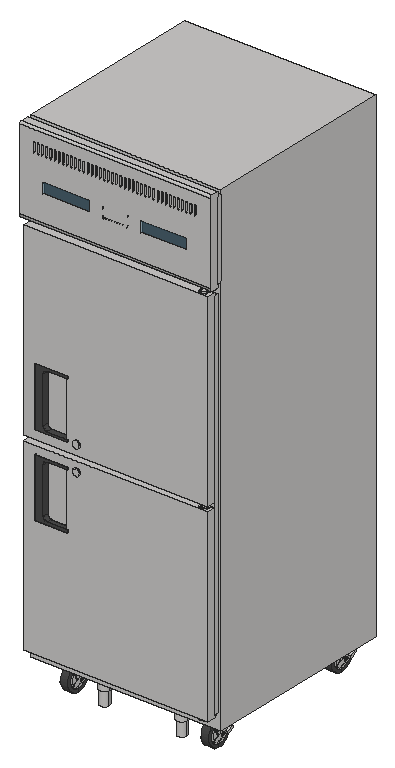
Revit family "QF_EVEREST_ESRFH2", category Specialty Equipment, Revit 2015
Parameters (values of type "ESRFH2")
  Weight in Pounds = 343
  Watts = if(Phase = 3, Volts * FL Amps * 1.73, Volts * FL Amps)  # 870.55 W
  Volts = 115 V
  URL Cutsheet = ""
  Specification by User = ""
  Specification by Manufacturer = ""
  Show Clearance [instance] = yes
  Serial Number = ""
  Seismic Rating = ""
  SMACNA No = ""
  Revision Code = ""
  Refrigerant Volume = 0.00 kip
  Refrigerant Type = "R-404A / R290"
  Phase = 1
  Number of Poles = 1
  NAFEM Spec ID Number = ""
  Model = "ESRFH2"
  Min Ckt Ampacity = 0 A
  Max Overcurrent Protection = 0 A
  Masterspec = ""
  Manufacturer = "EVEREST"
  Length = 740 mm
  Item Number = ""
  Installed By = ""
  Identify Quantity as Lot = yes
  Height = 2010 mm
  HP = "1/2"
  Furnished By = ""
  Foodservice Equipment Identifier = yes
  FL Amps = 7.57 A
  Electrical Remarks = ""
  Electric Connection Type = ""
  Elec Conn RI Height = 0 mm
  Elec Conn Connection Height = 0 mm
  Description = "UPRIGHT REACH–IN DUAL TEMPS"
  Depth = 803 mm
  Cycle = 60 Hz
  Conn Plug = "NEMA 5-15P"
  Conn Conduit = yes
  CSI MasterFormat = ""
  BTUH = 3435.0 Btu/h
  Apparent Power = 0 VA
Types (2, lengths in mm): name | Electrical Remarks
  ESRFH2 | ""
  QF_EVEREST_ESRFH2 | "COMES IN R-404A AND R290 REFRIGERANT VARIANTS. VARIANTS DO NOT REQUIRE (2) SEPARATE MODELS."
Reference planes
  plane 1 "BACK": y = 0
  plane 2: z = 0
  plane 3 "LEFT": x = 0
  plane 4 "RIGHT": x = 740
  plane 5 "FRONT": y = -803
  plane 6 "TOP": z = 2010
  plane 7 "Center Y": x = 370
  plane 8 "Center X": y = -401.5
  plane 9: y = -1491
  plane 10: z = 125
  plane 11: y = -750
Forms (mm)
  Extrusion 1, solid, material "QF_Metal - Stainless - Polished"
    sketch origin (0, 0, 0) x (0, 1, 0) y (0, 0, 1)
      loop
        line (0, 2010) -> (-750, 2010) -> (-750, 125) -> (0, 125) -> (0, 2010)
    from 0 to 740
  Extrusion 2, solid, material "QF_Metal - Stainless - Polished"
    sketch origin (0, 0, 0) x (0, 1, 0) y (0, 0, 1)
      loop
        line (-765, 2010) -> (-794.973, 2010)
        arc (-794.973, 2010) -> (-800.649, 2007.649) -> (-803, 2001.973) r 8.027
        line (-803, 2001.973) -> (-803, 1687.87)
        arc (-803, 1687.87) -> (-799.172, 1678.628) -> (-789.93, 1674.8) r 13.07
        line (-789.93, 1674.8) -> (-765, 1674.8) -> (-765, 2010)
    from 0 to 740
  Extrusion 3, solid, material "QF_Metal - Stainless - Polished"
    sketch origin (0, 0, 0) x (0, 1, 0) y (0, 0, 1)
      loop
        line (-765, 1688.8) -> (-758.141, 1688.8)
        arc (-758.141, 1688.8) -> (-757.087, 1689.01) -> (-756.193, 1689.607) r 2.754
        line (-756.193, 1689.607) -> (-750.858, 1694.942)
        arc (-750.858, 1694.942) -> (-750.223, 1695.892) -> (-750, 1697.014) r 2.93
        line (-750, 1697.014) -> (-750, 1990.992)
        arc (-750, 1990.992) -> (-750.222, 1992.108) -> (-750.854, 1993.054) r 2.916
        line (-750.854, 1993.054) -> (-755.935, 1998.135)
        arc (-755.935, 1998.135) -> (-757.115, 1998.923) -> (-758.506, 1999.2) r 3.637
        line (-758.506, 1999.2) -> (-765, 1999.2) -> (-765, 1688.8)
    from 0 to 740
  Extrusion 4, solid, material "QF_Metal - Stainless - Polished"
    sketch origin (0, 0, 0) x (1, 0, 0) y (0, 0, 1)
      loop
        line (13.5, 924) -> (726.5, 924) -> (726.5, 1654) -> (13.5, 1654) -> (13.5, 924)
      loop
        arc (60.313, 1186.531) -> (56.778, 1185.067) -> (55.313, 1181.531) r 5
        line (55.313, 1181.531) -> (55.313, 961.531)
        arc (55.313, 961.531) -> (56.778, 957.996) -> (60.313, 956.531) r 5
        line (60.313, 956.531) -> (179.313, 956.531)
        arc (179.313, 956.531) -> (182.849, 957.996) -> (184.313, 961.531) r 5
        line (184.313, 961.531) -> (184.313, 966.531) -> (179.313, 966.531) -> (179.313, 1176.531) -> (184.313, 1176.531) -> (184.313, 1181.531)
        arc (184.313, 1181.531) -> (182.849, 1185.067) -> (179.313, 1186.531) r 5
        line (179.313, 1186.531) -> (60.313, 1186.531)
      loop
        arc (60.313, 871.469) -> (56.778, 870.004) -> (55.313, 866.469) r 5
        line (55.313, 866.469) -> (55.313, 646.469)
        arc (55.313, 646.469) -> (56.778, 642.933) -> (60.313, 641.469) r 5
        line (60.313, 641.469) -> (179.313, 641.469)
        arc (179.313, 641.469) -> (182.849, 642.933) -> (184.313, 646.469) r 5
        line (184.313, 646.469) -> (184.313, 651.469) -> (179.313, 651.469) -> (179.313, 861.469) -> (184.313, 861.469) -> (184.313, 866.469)
        arc (184.313, 866.469) -> (182.849, 870.004) -> (179.313, 871.469) r 5
        line (179.313, 871.469) -> (60.313, 871.469)
      loop
        line (13.5, 904) -> (13.5, 174) -> (726.5, 174) -> (726.5, 904) -> (13.5, 904)
    from 765 to 800
  Extrusion 5, solid, material "QF_Metal - Stainless - Polished"
    sketch origin (0, 0, 0) x (0, 1, 0) y (0, 0, 1)
      loop
        line (-750, 1644) -> (-765, 1644) -> (-765, 182.5) -> (-750, 182.5) -> (-750, 1644)
    from 13.5 to 726.5
  Extrusion 6, solid, material "QF_Plastic - Black - Smooth"
    sketch origin (0, 0, 0) x (1, 0, 0) y (0, 0, 1)
      loop
        arc (60.313, 1186.531) -> (56.778, 1185.067) -> (55.313, 1181.531) r 5
        line (55.313, 1181.531) -> (55.313, 961.531)
        arc (55.313, 961.531) -> (56.778, 957.996) -> (60.313, 956.531) r 5
        line (60.313, 956.531) -> (179.313, 956.531)
        arc (179.313, 956.531) -> (182.849, 957.996) -> (184.313, 961.531) r 5
        line (184.313, 961.531) -> (184.313, 966.531) -> (103.313, 966.531)
        arc (103.313, 966.531) -> (92.707, 970.925) -> (88.313, 981.531) r 15
        line (88.313, 981.531) -> (88.313, 1161.531)
        arc (88.313, 1161.531) -> (92.707, 1172.138) -> (103.313, 1176.531) r 15
        line (103.313, 1176.531) -> (184.313, 1176.531) -> (184.313, 1181.531)
        arc (184.313, 1181.531) -> (182.849, 1185.067) -> (179.313, 1186.531) r 5
        line (179.313, 1186.531) -> (60.313, 1186.531)
      loop
        arc (60.313, 871.469) -> (56.778, 870.004) -> (55.313, 866.469) r 5
        line (55.313, 866.469) -> (55.313, 646.469)
        arc (55.313, 646.469) -> (56.778, 642.933) -> (60.313, 641.469) r 5
        line (60.313, 641.469) -> (179.313, 641.469)
        arc (179.313, 641.469) -> (182.849, 642.933) -> (184.313, 646.469) r 5
        line (184.313, 646.469) -> (184.313, 651.469) -> (103.313, 651.469)
        arc (103.313, 651.469) -> (92.707, 655.862) -> (88.313, 666.469) r 15
        line (88.313, 666.469) -> (88.313, 846.469)
        arc (88.313, 846.469) -> (92.707, 857.075) -> (103.313, 861.469) r 15
        line (103.313, 861.469) -> (184.313, 861.469) -> (184.313, 866.469)
        arc (184.313, 866.469) -> (182.849, 870.004) -> (179.313, 871.469) r 5
        line (179.313, 871.469) -> (60.313, 871.469)
    from 780 to 800
  Extrusion 7, void
    sketch origin (0, -803, 2030) x (0, 0, -1) y (1, 0, 0)
      loop
        line (105, 61.992) -> (73, 61.992)
        arc (73, 61.992) -> (69, 57.992) -> (73, 53.992) r 4
        line (73, 53.992) -> (105, 53.992)
        arc (105, 53.992) -> (109, 57.992) -> (105, 61.992) r 4
      loop
        line (73, 69.992) -> (105, 69.992)
        arc (105, 69.992) -> (109, 73.992) -> (105, 77.992) r 4
        line (105, 77.992) -> (73, 77.992)
        arc (73, 77.992) -> (69, 73.992) -> (73, 69.992) r 4
      loop
        line (73, 85.992) -> (105, 85.992)
        arc (105, 85.992) -> (109, 89.992) -> (105, 93.992) r 4
        line (105, 93.992) -> (73, 93.992)
        arc (73, 93.992) -> (69, 89.992) -> (73, 85.992) r 4
      loop
        line (73, 101.992) -> (105, 101.992)
        arc (105, 101.992) -> (109, 105.992) -> (105, 109.992) r 4
        line (105, 109.992) -> (73, 109.992)
        arc (73, 109.992) -> (69, 105.992) -> (73, 101.992) r 4
      loop
        line (73, 117.992) -> (105, 117.992)
        arc (105, 117.992) -> (109, 121.992) -> (105, 125.992) r 4
        line (105, 125.992) -> (73, 125.992)
        arc (73, 125.992) -> (69, 121.992) -> (73, 117.992) r 4
      loop
        line (73, 133.992) -> (105, 133.992)
        arc (105, 133.992) -> (109, 137.992) -> (105, 141.992) r 4
        line (105, 141.992) -> (73, 141.992)
        arc (73, 141.992) -> (69, 137.992) -> (73, 133.992) r 4
      loop
        line (73, 149.992) -> (105, 149.992)
        arc (105, 149.992) -> (109, 153.992) -> (105, 157.992) r 4
        line (105, 157.992) -> (73, 157.992)
        arc (73, 157.992) -> (69, 153.992) -> (73, 149.992) r 4
      loop
        line (73, 165.992) -> (105, 165.992)
        arc (105, 165.992) -> (109, 169.992) -> (105, 173.992) r 4
        line (105, 173.992) -> (73, 173.992)
        arc (73, 173.992) -> (69, 169.992) -> (73, 165.992) r 4
      loop
        line (73, 181.992) -> (105, 181.992)
        arc (105, 181.992) -> (109, 185.992) -> (105, 189.992) r 4
        line (105, 189.992) -> (73, 189.992)
        arc (73, 189.992) -> (69, 185.992) -> (73, 181.992) r 4
      loop
        line (73, 197.992) -> (105, 197.992)
        arc (105, 197.992) -> (109, 201.992) -> (105, 205.992) r 4
        line (105, 205.992) -> (73, 205.992)
        arc (73, 205.992) -> (69, 201.992) -> (73, 197.992) r 4
      loop
        line (73, 213.992) -> (105, 213.992)
        arc (105, 213.992) -> (109, 217.992) -> (105, 221.992) r 4
        line (105, 221.992) -> (73, 221.992)
        arc (73, 221.992) -> (69, 217.992) -> (73, 213.992) r 4
      loop
        line (73, 229.992) -> (105, 229.992)
        arc (105, 229.992) -> (109, 233.992) -> (105, 237.992) r 4
        line (105, 237.992) -> (73, 237.992)
        arc (73, 237.992) -> (69, 233.992) -> (73, 229.992) r 4
      loop
        line (73, 245.992) -> (105, 245.992)
        arc (105, 245.992) -> (109, 249.992) -> (105, 253.992) r 4
        line (105, 253.992) -> (73, 253.992)
        arc (73, 253.992) -> (69, 249.992) -> (73, 245.992) r 4
      loop
        line (73, 261.992) -> (105, 261.992)
        arc (105, 261.992) -> (109, 265.992) -> (105, 269.992) r 4
        line (105, 269.992) -> (73, 269.992)
        arc (73, 269.992) -> (69, 265.992) -> (73, 261.992) r 4
      loop
        line (73, 277.992) -> (105, 277.992)
        arc (105, 277.992) -> (109, 281.992) -> (105, 285.992) r 4
        line (105, 285.992) -> (73, 285.992)
        arc (73, 285.992) -> (69, 281.992) -> (73, 277.992) r 4
      loop
        line (73, 293.992) -> (105, 293.992)
        arc (105, 293.992) -> (109, 297.992) -> (105, 301.992) r 4
        line (105, 301.992) -> (73, 301.992)
        arc (73, 301.992) -> (69, 297.992) -> (73, 293.992) r 4
      loop
        line (73, 309.992) -> (105, 309.992)
        arc (105, 309.992) -> (109, 313.992) -> (105, 317.992) r 4
        line (105, 317.992) -> (73, 317.992)
        arc (73, 317.992) -> (69, 313.992) -> (73, 309.992) r 4
      loop
        line (73, 325.992) -> (105, 325.992)
        arc (105, 325.992) -> (109, 329.992) -> (105, 333.992) r 4
        line (105, 333.992) -> (73, 333.992)
        arc (73, 333.992) -> (69, 329.992) -> (73, 325.992) r 4
      loop
        line (73, 341.992) -> (105, 341.992)
        arc (105, 341.992) -> (109, 345.992) -> (105, 349.992) r 4
        line (105, 349.992) -> (73, 349.992)
        arc (73, 349.992) -> (69, 345.992) -> (73, 341.992) r 4
      loop
        line (73, 357.992) -> (105, 357.992)
        arc (105, 357.992) -> (109, 361.992) -> (105, 365.992) r 4
        line (105, 365.992) -> (73, 365.992)
        arc (73, 365.992) -> (69, 361.992) -> (73, 357.992) r 4
      loop
        arc (105, 678.008) -> (109, 682.008) -> (105, 686.008) r 4
        line (105, 686.008) -> (73, 686.008)
        arc (73, 686.008) -> (69, 682.008) -> (73, 678.008) r 4
        line (73, 678.008) -> (105, 678.008)
      loop
        arc (73, 670.008) -> (69, 666.008) -> (73, 662.008) r 4
        line (73, 662.008) -> (105, 662.008)
        arc (105, 662.008) -> (109, 666.008) -> (105, 670.008) r 4
        line (105, 670.008) -> (73, 670.008)
      loop
        arc (73, 654.008) -> (69, 650.008) -> (73, 646.008) r 4
        line (73, 646.008) -> (105, 646.008)
        arc (105, 646.008) -> (109, 650.008) -> (105, 654.008) r 4
        line (105, 654.008) -> (73, 654.008)
      loop
        arc (73, 638.008) -> (69, 634.008) -> (73, 630.008) r 4
        line (73, 630.008) -> (105, 630.008)
        arc (105, 630.008) -> (109, 634.008) -> (105, 638.008) r 4
        line (105, 638.008) -> (73, 638.008)
      loop
        arc (73, 622.008) -> (69, 618.008) -> (73, 614.008) r 4
        line (73, 614.008) -> (105, 614.008)
        arc (105, 614.008) -> (109, 618.008) -> (105, 622.008) r 4
        line (105, 622.008) -> (73, 622.008)
      loop
        arc (73, 606.008) -> (69, 602.008) -> (73, 598.008) r 4
        line (73, 598.008) -> (105, 598.008)
        arc (105, 598.008) -> (109, 602.008) -> (105, 606.008) r 4
        line (105, 606.008) -> (73, 606.008)
      loop
        arc (73, 590.008) -> (69, 586.008) -> (73, 582.008) r 4
        line (73, 582.008) -> (105, 582.008)
        arc (105, 582.008) -> (109, 586.008) -> (105, 590.008) r 4
        line (105, 590.008) -> (73, 590.008)
      loop
        arc (73, 574.008) -> (69, 570.008) -> (73, 566.008) r 4
        line (73, 566.008) -> (105, 566.008)
        arc (105, 566.008) -> (109, 570.008) -> (105, 574.008) r 4
        line (105, 574.008) -> (73, 574.008)
      loop
        arc (73, 558.008) -> (69, 554.008) -> (73, 550.008) r 4
        line (73, 550.008) -> (105, 550.008)
        arc (105, 550.008) -> (109, 554.008) -> (105, 558.008) r 4
        line (105, 558.008) -> (73, 558.008)
      loop
        arc (73, 542.008) -> (69, 538.008) -> (73, 534.008) r 4
        line (73, 534.008) -> (105, 534.008)
        arc (105, 534.008) -> (109, 538.008) -> (105, 542.008) r 4
        line (105, 542.008) -> (73, 542.008)
      loop
        arc (73, 526.008) -> (69, 522.008) -> (73, 518.008) r 4
        line (73, 518.008) -> (105, 518.008)
        arc (105, 518.008) -> (109, 522.008) -> (105, 526.008) r 4
        line (105, 526.008) -> (73, 526.008)
      loop
        arc (73, 510.008) -> (69, 506.008) -> (73, 502.008) r 4
        line (73, 502.008) -> (105, 502.008)
        arc (105, 502.008) -> (109, 506.008) -> (105, 510.008) r 4
        line (105, 510.008) -> (73, 510.008)
      loop
        arc (73, 494.008) -> (69, 490.008) -> (73, 486.008) r 4
        line (73, 486.008) -> (105, 486.008)
        arc (105, 486.008) -> (109, 490.008) -> (105, 494.008) r 4
        line (105, 494.008) -> (73, 494.008)
      loop
        arc (73, 478.008) -> (69, 474.008) -> (73, 470.008) r 4
        line (73, 470.008) -> (105, 470.008)
        arc (105, 470.008) -> (109, 474.008) -> (105, 478.008) r 4
        line (105, 478.008) -> (73, 478.008)
      loop
        arc (73, 462.008) -> (69, 458.008) -> (73, 454.008) r 4
        line (73, 454.008) -> (105, 454.008)
        arc (105, 454.008) -> (109, 458.008) -> (105, 462.008) r 4
        line (105, 462.008) -> (73, 462.008)
      loop
        arc (73, 446.008) -> (69, 442.008) -> (73, 438.008) r 4
        line (73, 438.008) -> (105, 438.008)
        arc (105, 438.008) -> (109, 442.008) -> (105, 446.008) r 4
        line (105, 446.008) -> (73, 446.008)
      loop
        arc (73, 430.008) -> (69, 426.008) -> (73, 422.008) r 4
        line (73, 422.008) -> (105, 422.008)
        arc (105, 422.008) -> (109, 426.008) -> (105, 430.008) r 4
        line (105, 430.008) -> (73, 430.008)
      loop
        arc (73, 414.008) -> (69, 410.008) -> (73, 406.008) r 4
        line (73, 406.008) -> (105, 406.008)
        arc (105, 406.008) -> (109, 410.008) -> (105, 414.008) r 4
        line (105, 414.008) -> (73, 414.008)
      loop
        arc (73, 398.008) -> (69, 394.008) -> (73, 390.008) r 4
        line (73, 390.008) -> (105, 390.008)
        arc (105, 390.008) -> (109, 394.008) -> (105, 398.008) r 4
        line (105, 398.008) -> (73, 398.008)
      loop
        arc (73, 382.008) -> (69, 378.008) -> (73, 374.008) r 4
        line (73, 374.008) -> (105, 374.008)
        arc (105, 374.008) -> (109, 378.008) -> (105, 382.008) r 4
        line (105, 382.008) -> (73, 382.008)
      loop
        arc (200.062, 418.988) -> (203.598, 417.523) -> (205.062, 413.988) r 5
        line (205.062, 413.988) -> (205.062, 326.012)
        arc (205.062, 326.012) -> (203.598, 322.477) -> (200.062, 321.012) r 5
        line (200.062, 321.012) -> (204.496, 321.008)
        arc (204.496, 321.008) -> (208.032, 322.472) -> (209.496, 326.008) r 5
        line (209.496, 326.008) -> (209.496, 413.992)
        arc (209.496, 413.992) -> (208.032, 417.528) -> (204.496, 418.992) r 5
        line (204.496, 418.992) -> (200.062, 418.988)
      loop
        arc (233.068, 418.988) -> (236.604, 417.523) -> (238.068, 413.988) r 5
        line (238.068, 413.988) -> (238.068, 326.012)
        arc (238.068, 326.012) -> (236.604, 322.477) -> (233.068, 321.012) r 5
        line (233.068, 321.012) -> (237.502, 321.008)
        arc (237.502, 321.008) -> (241.038, 322.472) -> (242.502, 326.008) r 5
        line (242.502, 326.008) -> (242.502, 413.992)
        arc (242.502, 413.992) -> (241.038, 417.528) -> (237.502, 418.992) r 5
        line (237.502, 418.992) -> (233.068, 418.988)
      loop
        arc (238.578, 469.75) -> (239.938, 470.313) -> (240.501, 471.673) r 1.923
        line (240.501, 471.673) -> (240.501, 647.294)
        arc (240.501, 647.294) -> (239.928, 648.677) -> (238.545, 649.25) r 1.956
        line (238.545, 649.25) -> (200.5, 649.25)
        arc (200.5, 649.25) -> (199.086, 648.665) -> (198.501, 647.25) r 1.997
        line (198.501, 647.25) -> (198.501, 471.75)
        arc (198.501, 471.75) -> (199.086, 470.335) -> (200.5, 469.75) r 1.997
        line (200.5, 469.75) -> (238.578, 469.75)
      loop
        line (238.578, 270.25) -> (200.5, 270.25)
        arc (200.5, 270.25) -> (199.086, 269.665) -> (198.501, 268.25) r 1.997
        line (198.501, 268.25) -> (198.501, 92.75)
        arc (198.501, 92.75) -> (199.086, 91.335) -> (200.5, 90.75) r 1.997
        line (200.5, 90.75) -> (238.545, 90.75)
        arc (238.545, 90.75) -> (239.928, 91.323) -> (240.501, 92.706) r 1.956
        line (240.501, 92.706) -> (240.501, 268.327)
        arc (240.501, 268.327) -> (239.938, 269.687) -> (238.578, 270.25) r 1.923
    from 0 to -3
  Extrusion 8, solid, material "Glass"
    sketch origin (0, -800, 2030) x (0, 0, -1) y (1, 0, 0)
      loop
        arc (198.501, 471.75) -> (199.086, 470.335) -> (200.5, 469.75) r 1.997
        line (200.5, 469.75) -> (238.578, 469.75)
        arc (238.578, 469.75) -> (239.938, 470.313) -> (240.501, 471.673) r 1.923
        line (240.501, 471.673) -> (240.501, 647.294)
        arc (240.501, 647.294) -> (239.928, 648.677) -> (238.545, 649.25) r 1.956
        line (238.545, 649.25) -> (200.5, 649.25)
        arc (200.5, 649.25) -> (199.086, 648.665) -> (198.501, 647.25) r 1.997
        line (198.501, 647.25) -> (198.501, 471.75)
      loop
        line (198.501, 268.25) -> (198.501, 92.75)
        arc (198.501, 92.75) -> (199.086, 91.335) -> (200.5, 90.75) r 1.997
        line (200.5, 90.75) -> (238.545, 90.75)
        arc (238.545, 90.75) -> (239.928, 91.323) -> (240.501, 92.706) r 1.956
        line (240.501, 92.706) -> (240.501, 268.327)
        arc (240.501, 268.327) -> (239.938, 269.687) -> (238.578, 270.25) r 1.923
        line (238.578, 270.25) -> (200.5, 270.25)
        arc (200.5, 270.25) -> (199.086, 269.665) -> (198.501, 268.25) r 1.997
    from 0 to 3
  Extrusion 9, solid, material "QF_Metal - Stainless - Polished"
    sketch origin (2.005, 0, 924) x (0, -1, 0) y (-1, 0, 0)
      loop
        circle (784, -696.5) r 10
    from 0 to 5
  Extrusion 10, solid, material "QF_Metal - Stainless - Polished"
    sketch origin (2.005, 0, 924) x (0, -1, 0) y (-1, 0, 0)
      loop
        arc (789.13, -710.595) -> (798.772, -693.895) -> (784, -681.5) r 15
        line (784, -681.5) -> (750, -675.505) -> (750, -717.495) -> (789.13, -710.595)
      loop
        circle (784, -696.5) r 10
    from 0 to 2.5
  Extrusion 11, solid, material "QF_Metal - Stainless - Polished"
    sketch origin (-10.995, 0, 1654) x (1, 0, 0) y (0, 1, 0)
      loop
        circle (710, -784) r 10
    from 0 to 5
  Extrusion 12, solid, material "QF_Metal - Stainless - Polished"
    sketch origin (-10.995, 0, 1654) x (1, 0, 0) y (0, 1, 0)
      loop
        line (724.095, -789.13) -> (730.995, -750) -> (689.005, -750) -> (695, -784)
        arc (695, -784) -> (707.395, -798.772) -> (724.095, -789.13) r 15
      loop
        circle (710, -784) r 10
    from 0 to 2.5
  Revolve 13, solid, material "QF_Metal - Stainless - Polished"
    sketch origin (0, -665, 0) x (1, 0, 0) y (0, 0, 1)
      loop
        line (218.953, 0) -> (218.953, 125) -> (183.953, 125) -> (183.953, 115) -> (188.953, 115) -> (188.953, 104.5) -> (197.953, 90.5) -> (197.953, 55.5) -> (201.703, 55.5) -> (201.703, 0) -> (218.953, 0)
      axis (218.953, 0) -> (218.953, 125)
    angle from 0 to 360
  Revolve 14, solid, material "QF_Metal - Stainless - Polished"
    sketch origin (301.095, -665, 0) x (1, 0, 0) y (0, 0, 1)
      loop
        line (218.953, 0) -> (218.953, 125) -> (183.953, 125) -> (183.953, 115) -> (188.953, 115) -> (188.953, 104.5) -> (197.953, 90.5) -> (197.953, 55.5) -> (201.703, 55.5) -> (201.703, 0) -> (218.953, 0)
      axis (218.953, 0) -> (218.953, 125)
    angle from 0 to 360
  Extrusion 15, solid, material "QF_Door-Drawer Clearances", visible <- "Show Clearance", detail levels coarse
    sketch origin (0, 0, 0) x (1, 0, 0) y (0, 1, 0)
      loop
        line (727, -800) -> (13, -800)
        arc (13, -800) -> (226.368, -1293.913) -> (727, -1491) r 700.792
        line (727, -1491) -> (727, -800)
    from 924 to 1654
  Extrusion 16, solid, material "QF_Metal - Stainless - Polished"
    sketch origin (0, 0, 1980) x (0, 0, 1) y (1, 0, 0)
      loop
        circle (-241.795, 370) r 6.35
    from 0 to 6.4
  Extrusion 17, solid, material "QF_Metal - Stainless - Polished"
    sketch origin (2.005, 0, 174) x (0, -1, 0) y (-1, 0, 0)
      loop
        circle (784, -697) r 10
    from 0 to 5
  Extrusion 18, solid, material "QF_Metal - Stainless - Polished"
    sketch origin (2.005, 0, 174) x (0, -1, 0) y (-1, 0, 0)
      loop
        arc (789.13, -711.095) -> (798.772, -694.395) -> (784, -682) r 15
        line (784, -682) -> (750, -676.005) -> (750, -717.995) -> (789.13, -711.095)
      loop
        circle (784, -697) r 10
    from 0 to 2.5
  Extrusion 19, solid, material "QF_Metal - Stainless - Polished"
    sketch origin (2.005, 0, 904) x (1, 0, 0) y (0, 1, 0)
      loop
        circle (697, -784) r 10
    from 0 to 5
  Extrusion 20, solid, material "QF_Metal - Stainless - Polished"
    sketch origin (2.005, 0, 904) x (1, 0, 0) y (0, 1, 0)
      loop
        line (711.095, -789.13) -> (717.995, -750) -> (676.005, -750) -> (682, -784)
        arc (682, -784) -> (694.395, -798.772) -> (711.095, -789.13) r 15
      loop
        circle (697, -784) r 10
    from 0 to 2.5
  Extrusion 21, solid, material "QF_Door-Drawer Clearances", visible <- "Show Clearance", detail levels coarse
    sketch origin (0, 0, 0) x (1, 0, 0) y (0, 1, 0)
      loop
        line (727, -800) -> (13, -800)
        arc (13, -800) -> (226.368, -1293.913) -> (727, -1491) r 700.792
        line (727, -1491) -> (727, -800)
    from 904 to 174
  Extrusion 22, solid, material "QF_Metal - Stainless - Polished"
    sketch origin (0, -800, 2030) x (0, 0, -1) y (1, 0, 0)
      loop
        circle (1067.692, 218.25) r 13.25
      loop
        circle (1164.308, 218.25) r 13.25
    from 0 to 3
Cuts and joins
  Extrusion 7 cuts Extrusion 2
Lines and regions (mm)
  symbolic lines
    curve 1: line (0, 0, 0) -> (740, 0, 0)
    curve 2: line (0, -803, 0) -> (0, 0, 0)
    curve 3: line (740, -803, 0) -> (0, -803, 0)
    curve 4: line (740, 0, 0) -> (740, -803, 0)
    curve 5: line (0, -765, 0) -> (740, -765, 0)
    curve 6: line (0, -750, 0) -> (740, -750, 0)
  symbolic lines, style "QF_Door-Drawer Clearances"
    curve 7: arc (13, -800, 0) -> (40.11, -983.601, 0) -> (114.465, -1153.647, 0) r 700.792
    curve 8: line (114.465, -1153.647, 0) -> (727, -800, 0)
Dimensions and locks
  equal spacing: plane 3 "LEFT", plane 7 "Center Y", plane 4 "RIGHT"
  "Length": plane 3 "LEFT" to plane 4 "RIGHT"
  equal spacing: plane 5 "FRONT", plane 8 "Center X", plane 1 "BACK"
  "Depth": plane 5 "FRONT" to plane 1 "BACK"
  "Height": plane 6 "TOP" to level
  plane 9 to plane 1 "BACK" = 1491 mm
  plane 6 "TOP" to plane 2 = 2010 mm
  plane 10 to plane 2 = 125 mm
  plane 6 "TOP" to plane 10 = 1885 mm
  plane 5 "FRONT" to plane 1 "BACK" = 803 mm
  plane 11 to plane 1 "BACK" = 750 mm
  Extrusion 4 sketch curve to Extrusion 4 sketch curve = 713 mm
  aligned and locked: plane 2 to level
Automatic sketch dimensions
  plane 1 "BACK" to curve 1 = 0 mm
  curve 1 to plane 3 "LEFT" = 0 mm
  curve 5 to plane 4 "RIGHT" = 0 mm
  plane 5 "FRONT" to curve 2 = 0 mm
  curve 6 to plane 11 = 0 mm
  plane 3 "LEFT" to curve 8 = 114.465 mm
  curve 7 to plane 5 "FRONT" = 12.667 mm
  plane 4 "RIGHT" to curve 7 = 26.274 mm
  plane 9 to curve 8 = 337.353 mm
  curve 7 to plane 5 "FRONT" = 3 mm
  curve 8 to plane 5 "FRONT" = 3 mm
  plane 4 "RIGHT" to curve 8 = 13 mm
  curve 5 to plane 11 = 15 mm
  Extrusion 1 sketch curve to plane 6 "TOP" = 0 mm
  Extrusion 1 sketch curve to plane 11 = 0 mm
  Extrusion 1 sketch curve to plane 1 "BACK" = 0 mm
  Extrusion 1 sketch curve to plane 10 = 0 mm
  Extrusion 2 sketch curve to plane 5 "FRONT" = 0 mm
  Extrusion 2 sketch curve to plane 6 "TOP" = 0 mm
  Extrusion 2 sketch curve to Extrusion 2 sketch curve = 8.027 mm
  Extrusion 2 sketch curve to Extrusion 2 sketch curve = 13.07 mm
  Extrusion 2 sketch curve to plane 11 = 15 mm
  Extrusion 2 sketch curve to Extrusion 2 sketch curve = 314.103 mm
  Extrusion 3 sketch curve to plane 11 = 0 mm
  Extrusion 3 sketch curve to plane 11 = 0.854 mm
  Extrusion 3 sketch curve to plane 11 = 0.858 mm
  Extrusion 3 sketch curve to plane 11 = 2.916 mm
  Extrusion 3 sketch curve to plane 11 = 2.93 mm
  Extrusion 3 sketch curve to plane 11 = 5.935 mm
  Extrusion 3 sketch curve to plane 11 = 6.193 mm
  Extrusion 3 sketch curve to Extrusion 3 sketch curve = 1.947 mm
  Extrusion 3 sketch curve to Extrusion 3 sketch curve = 2.572 mm  (x2)
  Extrusion 3 sketch curve to Extrusion 3 sketch curve = 6.859 mm
  Extrusion 3 sketch curve to plane 6 "TOP" = 321.2 mm
  Extrusion 3 sketch curve to Extrusion 3 sketch curve = 0.807 mm
  Extrusion 3 sketch curve to Extrusion 3 sketch curve = 5.335 mm
  Extrusion 3 sketch curve to plane 6 "TOP" = 19.008 mm
  Extrusion 3 sketch curve to Extrusion 3 sketch curve = 4.571 mm
  plane 3 "LEFT" to Extrusion 4 sketch curve = 13.5 mm  (x2)
  plane 3 "LEFT" to Extrusion 4 sketch curve = 55.313 mm  (x2)
  Extrusion 4 sketch curve to Extrusion 4 sketch curve = 5 mm  (x12)
  Extrusion 4 sketch curve to Extrusion 4 sketch curve = 119 mm  (x2)
  Extrusion 4 sketch curve to Extrusion 4 sketch curve = 0 mm  (x4)
  plane 4 "RIGHT" to Extrusion 4 sketch curve = 13.5 mm
  plane 10 to Extrusion 4 sketch curve = 49 mm
  Extrusion 4 sketch curve to Extrusion 4 sketch curve = 467.469 mm
  Extrusion 4 sketch curve to Extrusion 4 sketch curve = 210 mm  (x2)
  Extrusion 4 sketch curve to Extrusion 4 sketch curve = 37.531 mm
  Extrusion 4 sketch curve to Extrusion 4 sketch curve = 20 mm
  Extrusion 4 sketch curve to Extrusion 4 sketch curve = 32.531 mm
  Extrusion 4 sketch curve to plane 6 "TOP" = 356 mm
  Extrusion 5 sketch curve to plane 11 = 0 mm
  Extrusion 5 sketch curve to plane 11 = 15 mm
  plane 10 to Extrusion 5 sketch curve = 57.5 mm
  Extrusion 5 sketch curve to plane 6 "TOP" = 366 mm
  plane 3 "LEFT" to Extrusion 6 sketch curve = 55.313 mm  (x2)
  Extrusion 6 sketch curve to Extrusion 6 sketch curve = 5 mm  (x10)
  Extrusion 6 sketch curve to Extrusion 6 sketch curve = 28 mm  (x2)
  Extrusion 6 sketch curve to Extrusion 6 sketch curve = 15 mm  (x4)
  Extrusion 6 sketch curve to Extrusion 6 sketch curve = 76 mm  (x4)
  plane 10 to Extrusion 6 sketch curve = 516.469 mm
  Extrusion 6 sketch curve to Extrusion 6 sketch curve = 180 mm  (x2)
  Extrusion 6 sketch curve to Extrusion 6 sketch curve = 20 mm  (x2)
  Extrusion 6 sketch curve to Extrusion 6 sketch curve = 85.063 mm
  Extrusion 9 sketch curve to Extrusion 4 = 16 mm
  Extrusion 9 sketch curve to Extrusion 4 = 27.995 mm
  Extrusion 10 sketch curve to Extrusion 10 sketch curve = 0 mm  (x2)
  Extrusion 10 sketch curve to Extrusion 4 = 7 mm
  Extrusion 4 to Extrusion 10 sketch curve = 15 mm
  Extrusion 10 sketch curve to Extrusion 4 = 16 mm
  Extrusion 10 sketch curve to Extrusion 4 = 10.87 mm
  Extrusion 10 sketch curve to Extrusion 4 = 13.9 mm
  Extrusion 10 sketch curve to Extrusion 10 sketch curve = 14.095 mm
  Extrusion 10 sketch curve to Extrusion 10 sketch curve = 5.995 mm
  Extrusion 11 sketch curve to plane 5 "FRONT" = 19 mm
  plane 4 "RIGHT" to Extrusion 11 sketch curve = 40.995 mm
  Extrusion 12 sketch curve to Extrusion 12 sketch curve = 0 mm  (x2)
  Extrusion 12 sketch curve to plane 11 = 0 mm
  plane 4 "RIGHT" to Extrusion 12 sketch curve = 61.99 mm
  Extrusion 12 sketch curve to plane 5 "FRONT" = 19 mm
  Extrusion 12 sketch curve to Extrusion 12 sketch curve = 5.995 mm
  Extrusion 12 sketch curve to Extrusion 12 sketch curve = 15 mm
  Extrusion 12 sketch curve to plane 5 "FRONT" = 13.87 mm
  plane 4 "RIGHT" to Extrusion 12 sketch curve = 20 mm
  Revolve 13 sketch curve to plane 10 = 0 mm  (x2)
  Revolve 13 sketch curve to level = 0 mm
  plane 3 "LEFT" to Revolve 13 sketch curve = 183.953 mm
  Revolve 13 sketch curve to Revolve 13 sketch curve = 5 mm
  Revolve 13 sketch curve to Revolve 13 sketch curve = 9 mm
  Revolve 13 sketch curve to Revolve 13 sketch curve = 3.75 mm
  Revolve 13 sketch curve to Revolve 13 sketch curve = 30 mm
  level to Revolve 13 sketch curve = 55.5 mm
  Revolve 13 sketch curve to plane 10 = 34.5 mm
  Revolve 13 sketch curve to Revolve 13 sketch curve = 14 mm
  Revolve 13 sketch curve to plane 10 = 10 mm
  Revolve 13 sketch curve to Revolve 13 sketch curve = 0 mm
  Revolve 13 sketch curve to Revolve 13 sketch curve = 20 mm
  Revolve 14 sketch curve to plane 10 = 0 mm  (x2)
  Revolve 14 sketch curve to level = 0 mm
  plane 7 "Center Y" to Revolve 14 sketch curve = 115.047 mm
  Revolve 14 sketch curve to Revolve 14 sketch curve = 5 mm
  Revolve 14 sketch curve to Revolve 14 sketch curve = 9 mm
  Revolve 14 sketch curve to Revolve 14 sketch curve = 3.75 mm
  Revolve 14 sketch curve to Revolve 14 sketch curve = 30 mm
  level to Revolve 14 sketch curve = 55.5 mm
  Revolve 14 sketch curve to plane 10 = 34.5 mm
  Revolve 14 sketch curve to Revolve 14 sketch curve = 14 mm
  Revolve 14 sketch curve to plane 10 = 10 mm
  Revolve 14 sketch curve to Revolve 14 sketch curve = 0 mm
  Revolve 14 sketch curve to Revolve 14 sketch curve = 20 mm
  Extrusion 15 sketch curve to plane 9 = 0 mm
  Extrusion 15 sketch curve to plane 5 "FRONT" = 3 mm
  plane 3 "LEFT" to Extrusion 15 sketch curve = 13 mm
  Extrusion 15 sketch curve to plane 5 "FRONT" = 12.667 mm
  Extrusion 15 sketch curve to Extrusion 15 sketch curve = 700.726 mm
  Extrusion 16 sketch curve to Extrusion 1 = 271.795 mm
  Extrusion 1 to Extrusion 16 sketch curve = 370 mm
  Extrusion 17 sketch curve to plane 5 "FRONT" = 19 mm
  plane 4 "RIGHT" to Extrusion 17 sketch curve = 40.995 mm
  Extrusion 18 sketch curve to Extrusion 18 sketch curve = 0 mm  (x2)
  Extrusion 18 sketch curve to plane 11 = 0 mm
  Extrusion 18 sketch curve to plane 5 "FRONT" = 19 mm
  Extrusion 18 sketch curve to plane 5 "FRONT" = 13.87 mm
  plane 4 "RIGHT" to Extrusion 18 sketch curve = 61.99 mm
  Extrusion 18 sketch curve to Extrusion 18 sketch curve = 5.995 mm
  Extrusion 18 sketch curve to Extrusion 18 sketch curve = 15 mm
  plane 4 "RIGHT" to Extrusion 18 sketch curve = 20 mm
  Extrusion 19 sketch curve to plane 5 "FRONT" = 19 mm
  plane 4 "RIGHT" to Extrusion 19 sketch curve = 40.995 mm
  Extrusion 20 sketch curve to Extrusion 20 sketch curve = 0 mm  (x2)
  Extrusion 20 sketch curve to plane 11 = 0 mm
  plane 4 "RIGHT" to Extrusion 20 sketch curve = 61.99 mm
  Extrusion 20 sketch curve to plane 5 "FRONT" = 19 mm
  Extrusion 20 sketch curve to Extrusion 20 sketch curve = 5.995 mm
  Extrusion 20 sketch curve to Extrusion 20 sketch curve = 15 mm
  Extrusion 20 sketch curve to plane 5 "FRONT" = 13.87 mm
  plane 4 "RIGHT" to Extrusion 20 sketch curve = 20 mm
  Extrusion 21 sketch curve to plane 9 = 0 mm
  Extrusion 21 sketch curve to plane 5 "FRONT" = 3 mm
  plane 3 "LEFT" to Extrusion 21 sketch curve = 13 mm
  Extrusion 21 sketch curve to plane 5 "FRONT" = 12.667 mm
  Extrusion 21 sketch curve to Extrusion 21 sketch curve = 700.726 mm
  Extrusion 8 sketch curve to Extrusion 7 = 0 mm  (x4)
  Extrusion 8 sketch curve to Extrusion 7 = 1.997 mm  (x2)
  Extrusion 8 sketch curve to Extrusion 7 = 1.245 mm
  Extrusion 8 sketch curve to Extrusion 8 sketch curve = 0.003 mm  (x2)
  Extrusion 7 to Extrusion 8 sketch curve = 0.258 mm
  Extrusion 8 sketch curve to Extrusion 7 = 0.476 mm
  Extrusion 8 sketch curve to Extrusion 7 = 0.509 mm  (x2)
  Extrusion 8 sketch curve to Extrusion 7 = 38.714 mm
  Extrusion 8 sketch curve to Extrusion 7 = 1.741 mm
  Extrusion 2 to Extrusion 7 sketch curve = 44.973 mm  (x3)
  Extrusion 7 sketch curve to Extrusion 7 sketch curve = 0 mm  (x80)
  Extrusion 7 sketch curve to Extrusion 7 sketch curve = 32 mm  (x3)
  Extrusion 7 sketch curve to Extrusion 7 sketch curve = 93.501 mm
  Extrusion 7 sketch curve to Extrusion 7 sketch curve = 1.562 mm  (x2)
  Extrusion 7 sketch curve to Extrusion 7 sketch curve = 1.997 mm  (x6)
  Extrusion 7 sketch curve to Extrusion 7 sketch curve = 0.003 mm  (x6)
  Extrusion 7 sketch curve to Extrusion 7 sketch curve = 4.434 mm  (x4)
  Extrusion 7 sketch curve to Extrusion 7 sketch curve = 0.566 mm  (x3)
  Extrusion 7 sketch curve to Extrusion 7 sketch curve = 23.572 mm  (x2)
  Extrusion 7 sketch curve to Extrusion 7 sketch curve = 38.044 mm  (x2)
  Extrusion 7 sketch curve to Extrusion 7 sketch curve = 38.077 mm
  Extrusion 7 sketch curve to Extrusion 7 sketch curve = 38.08 mm
  Extrusion 7 sketch curve to Extrusion 7 sketch curve = 1.956 mm
  Extrusion 7 sketch curve to Extrusion 7 sketch curve = 1.923 mm
  Extrusion 2 to Extrusion 7 sketch curve = 53.992 mm
  Extrusion 7 sketch curve to Extrusion 7 sketch curve = 4 mm  (x40)
  Extrusion 7 sketch curve to Extrusion 7 sketch curve = 8 mm  (x38)
  Extrusion 2 to Extrusion 7 sketch curve = 90.75 mm
  Extrusion 7 sketch curve to Extrusion 7 sketch curve = 1.741 mm
  Extrusion 7 sketch curve to Extrusion 7 sketch curve = 50.758 mm  (x2)
  Extrusion 7 sketch curve to Extrusion 7 sketch curve = 0.004 mm  (x7)
  Extrusion 7 sketch curve to Extrusion 7 sketch curve = 8.017 mm
  Extrusion 7 sketch curve to Extrusion 7 sketch curve = 87.976 mm
  Extrusion 2 to Extrusion 7 sketch curve = 92.75 mm
  Extrusion 22 sketch curve to plane 7 "Center Y" = 151.75 mm
  Extrusion 22 sketch curve to Extrusion 22 sketch curve = 96.616 mm
  Extrusion 22 sketch curve to Extrusion 22 sketch curve = 0 mm  (x3)
  Extrusion 22 sketch curve to Extrusion 22 sketch curve = 13.25 mm  (x2)
  plane 10 to Extrusion 22 sketch curve = 837.308 mm
  radius of Extrusion 9 sketch curve = 10 mm
  radius of Extrusion 10 sketch curve = 10 mm
  radius of Extrusion 11 sketch curve = 10 mm
  radius of Extrusion 12 sketch curve = 10 mm
  radius of Extrusion 16 sketch curve = 6.35 mm
  radius of Extrusion 17 sketch curve = 10 mm
  radius of Extrusion 18 sketch curve = 10 mm
  radius of Extrusion 19 sketch curve = 10 mm
  radius of Extrusion 20 sketch curve = 10 mm
  radius of Extrusion 8 sketch curve to Extrusion 7 = 0 mm  (x3)
Nested families
  nested 1: "5 INCHES 01_CASTER" at (96.503, -682.5, 0), type "5 INCHES 01_CASTER"
    with Type Mark "", Specification by User "", Show 5" Casters yes, Revision Code "", Key Locks yes, Item Number "", Installed By "", Identify Quantity as Lot yes, Furnished By "", Foodservice Equipment Identifier yes
  nested 2: "5 INCHES 01_CASTER" at (643.497, -682.5, 0), type "5 INCHES 01_CASTER"
    with Type Mark "", Specification by User "", Show 5" Casters yes, Revision Code "", Key Locks yes, Item Number "", Installed By "", Identify Quantity as Lot yes, Furnished By "", Foodservice Equipment Identifier yes
  nested 3: "5 INCHES 01_CASTER" at (96.503, -86.049, 0), type "5 INCHES 01_CASTER"
    with Type Mark "", Specification by User "", Show 5" Casters yes, Revision Code "", Key Locks yes, Item Number "", Installed By "", Identify Quantity as Lot yes, Furnished By "", Foodservice Equipment Identifier yes
  nested 4: "5 INCHES 01_CASTER" at (643.497, -86.049, 0), type "5 INCHES 01_CASTER"
    with Type Mark "", Specification by User "", Show 5" Casters yes, Revision Code "", Key Locks yes, Item Number "", Installed By "", Identify Quantity as Lot yes, Furnished By "", Foodservice Equipment Identifier yes
Connectors
  electrical at (370, 6.4, 1738.205), driven by "Volts", driven by "Watts"
    settings: on Extrusion 16, index 1, voltage 115 V, apparent load 870.55 VA, apparent load phase1 0 VA, apparent load phase2 0 VA, apparent load phase3 0 VA, power factor 1, load classification "Other", number of poles 1, system type 30, power factor state 1, is connector primary yes, connector utility no, sub classification motor no, connector description "ELECTRICAL CONNECTION"
Definition of nested family "5 INCHES 01_CASTER"
  Parameters (values of type "5 INCHES 01_CASTER")
    Weight = ""
    URL Manufacturer = ""
    URL Cutsheet = ""
    URL = ""
    Type Mark [instance] = ""
    Specification by User [instance] = ""
    Specification by Manufacturer = ""
    Show 5" Casters [instance] = yes
    Serial Number = ""
    Seismic Rating = ""
    SMACNA No = ""
    Revision Code [instance] = ""
    Omniclass Number and Title = ""
    NAFEM Spec ID Number = ""
    Model = ""
    MasterSpec. = ""
    Manufacturer = ""
    Key Locks [instance] = yes
    Item Number [instance] = ""
    Installed By [instance] = ""
    Identify Quantity as Lot [instance] = yes
    Furnished By [instance] = ""
    Foodservice Equipment Identifier [instance] = yes
    Description = ""
    CSI MasterFormat = ""
    CSI Master Format = ""
    Assembly Code = ""
  Reference planes
    plane 1: z = 0
    plane 2 "RIGHT": x = 0
    plane 3 "FRONT": y = 0
    plane 4 "TOP": z = 125
  Forms (mm)
    Revolve 1, solid, visible <- "Show 5" Casters"
      sketch origin (-49.224, 25.364, -25.504) x (1, 0, 0) y (0, 0, 1)
        loop
          line (18.81, 76.304) -> (18.81, 74.386) -> (20.08, 73.116) -> (21.604, 73.116) -> (21.604, 70.067) -> (31.369, 70.067) -> (31.369, 65.181) -> (34.939, 63.12) -> (37.88, 44.951) -> (34.131, 44.951) -> (34.131, 38.998) -> (34.925, 38.998) -> (34.925, 25.504) -> (63.103, 25.504) -> (63.103, 38.998) -> (63.897, 38.998) -> (63.897, 44.951) -> (60.148, 44.951) -> (63.103, 63.209) -> (66.659, 65.262) -> (66.659, 70.067) -> (77.218, 70.067) -> (77.218, 73.116) -> (78.742, 73.116) -> (80.012, 74.386) -> (80.012, 76.304) -> (18.81, 76.304)
        axis (18.81, 76.304) -> (80.012, 76.304)
      angle from 0 to 360
    Extrusion 2, solid, visible <- "Show 5" Casters"
      sketch origin (-49.224, 49.87, -19.154) x (0, 1, 0) y (0, 0, 1)
        loop
          line (-85.786, 135.49) -> (-85.786, 125.149) -> (-63.321, 125.149)
          arc (-63.321, 125.149) -> (-37.391, 124.905) -> (-11.779, 120.85) r 175.807
          arc (-11.779, 120.85) -> (3.607, 115.163) -> (17.14, 105.894) r 66.729
          line (17.14, 105.894) -> (20.005, 109.985)
          arc (20.005, 109.985) -> (12.217, 116.012) -> (3.375, 120.348) r 48.686
          line (3.375, 120.348) -> (5.384, 123.823)
          arc (5.384, 123.823) -> (-4.003, 127.534) -> (-13.953, 129.229) r 48.686
          line (-13.953, 129.229) -> (-13.953, 135.49) -> (-85.786, 135.49)
      from 29.809 to 68.639
    Revolve 3, solid, visible <- "Show 5" Casters"
      sketch origin (0, 54.748, -31.75) x (0, 1, 0) y (0, 0, 1)
        loop
          line (-56.335, 156.75) -> (-56.335, 148.085) -> (-26.871, 148.085) -> (-26.871, 156.75) -> (-56.335, 156.75)
        axis (-56.335, 148.085) -> (-56.335, 156.75)
      angle from 0 to 360
    Extrusion 4, solid, visible <- "Show 5" Casters"
      sketch origin (-50.414, 49.87, -19.154) x (0, 1, 0) y (0, 0, 1)
        loop
          line (-85.786, 135.49) -> (-85.786, 125.149) -> (-79.594, 125.149)
          arc (-79.594, 125.149) -> (-54.006, 99.703) -> (-39.582, 66.626) r 96.297
          arc (-39.582, 66.626) -> (-20.695, 54.419) -> (-8.07, 73.029) r 16.082
          arc (-8.07, 73.029) -> (-0.57, 93.403) -> (17.434, 105.537) r 35.307
          line (17.434, 105.537) -> (20.005, 109.985)
          arc (20.005, 109.985) -> (12.217, 116.012) -> (3.375, 120.348) r 48.686
          line (3.375, 120.348) -> (5.384, 123.823)
          arc (5.384, 123.823) -> (-4.003, 127.534) -> (-13.953, 129.229) r 48.686
          line (-13.953, 129.229) -> (-13.953, 135.49) -> (-85.786, 135.49)
      from 69.829 to 73.87
    Extrusion 5, solid, visible <- "Show 5" Casters"
      sketch origin (50.414, 49.87, -19.154) x (0, 1, 0) y (0, 0, -1)
        loop
          line (-85.786, -135.49) -> (-13.953, -135.49) -> (-13.953, -129.229)
          arc (-13.953, -129.229) -> (-4.003, -127.534) -> (5.384, -123.823) r 48.686
          line (5.384, -123.823) -> (3.375, -120.348)
          arc (3.375, -120.348) -> (12.217, -116.012) -> (20.005, -109.985) r 48.686
          line (20.005, -109.985) -> (17.434, -105.537)
          arc (17.434, -105.537) -> (-0.57, -93.403) -> (-8.07, -73.029) r 35.307
          arc (-8.07, -73.029) -> (-20.695, -54.419) -> (-39.582, -66.626) r 16.082
          arc (-39.582, -66.626) -> (-54.006, -99.703) -> (-79.594, -125.149) r 96.297
          line (-79.594, -125.149) -> (-85.786, -125.149) -> (-85.786, -135.49)
      from 69.829 to 73.87
    Extrusion 6, solid, visible <- "Key Locks"
      sketch origin (-24.606, 52.001, -14.628) x (0, 1, 0) y (0, 0, -1)
        loop
          line (-65.658, -51.806) -> (-48.06, -61.966) -> (-38.931, -67.237)
          arc (-38.931, -67.237) -> (-36.934, -70.238) -> (-35.227, -73.414) r 38.511
          arc (-35.227, -73.414) -> (-28.855, -79.511) -> (-20.232, -81.358) r 16.169
          arc (-20.232, -81.358) -> (-17.043, -81.321) -> (-13.877, -81.702) r 24.356
          line (-13.877, -81.702) -> (5.921, -93.132) -> (10.917, -84.478)
          arc (10.917, -84.478) -> (11.804, -78.832) -> (8.674, -74.049) r 7.95
          line (8.674, -74.049) -> (5.356, -77.367)
          arc (5.356, -77.367) -> (6.116, -79.837) -> (3.628, -80.537) r 1.806
          line (3.628, -80.537) -> (-13.41, -70.697)
          arc (-13.41, -70.697) -> (-15.803, -63.781) -> (-9.299, -60.428) r 5.588
          arc (-9.299, -60.428) -> (-8.725, -59.868) -> (-8.601, -59.076) r 1.27
          arc (-8.601, -59.076) -> (-12.712, -53.586) -> (-19.178, -51.298) r 11.834
          line (-19.178, -51.298) -> (-37.992, -51.298)
          arc (-37.992, -51.298) -> (-40.049, -51.027) -> (-41.967, -50.233) r 7.95
          line (-41.967, -50.233) -> (-52.169, -44.343)
          arc (-52.169, -44.343) -> (-58.202, -43.549) -> (-63.029, -47.253) r 7.95
          line (-63.029, -47.253) -> (-65.658, -51.806)
      from 0 to 1.588
    Extrusion 7, solid, visible <- "Key Locks"
      sketch origin (-24.606, 52.001, -14.628) x (0, 1, 0) y (0, 0, -1)
        loop
          line (-11.606, -67.574) -> (11.954, -81.173)
          arc (11.954, -81.173) -> (11.253, -77.179) -> (8.674, -74.049) r 7.95
          line (8.674, -74.049) -> (-9.311, -64.367)
          arc (-9.311, -64.367) -> (-12.227, -64.705) -> (-11.606, -67.574) r 1.981
      from 0 to 12.7
    Extrusion 8, solid, visible <- "Key Locks"
      sketch origin (24.606, 52.001, -14.628) x (0, 1, 0) y (0, 0, 1)
        loop
          line (-65.658, 51.806) -> (-63.029, 47.253)
          arc (-63.029, 47.253) -> (-58.202, 43.549) -> (-52.169, 44.343) r 7.95
          line (-52.169, 44.343) -> (-41.967, 50.233)
          arc (-41.967, 50.233) -> (-40.049, 51.027) -> (-37.992, 51.298) r 7.95
          line (-37.992, 51.298) -> (-19.178, 51.298)
          arc (-19.178, 51.298) -> (-12.712, 53.586) -> (-8.601, 59.076) r 11.834
          arc (-8.601, 59.076) -> (-8.725, 59.868) -> (-9.299, 60.428) r 1.27
          arc (-9.299, 60.428) -> (-15.803, 63.781) -> (-13.41, 70.697) r 5.588
          line (-13.41, 70.697) -> (3.628, 80.537)
          arc (3.628, 80.537) -> (6.116, 79.837) -> (5.356, 77.367) r 1.806
          line (5.356, 77.367) -> (8.674, 74.049)
          arc (8.674, 74.049) -> (11.804, 78.832) -> (10.917, 84.478) r 7.95
          line (10.917, 84.478) -> (5.921, 93.132) -> (-13.877, 81.702)
          arc (-13.877, 81.702) -> (-17.043, 81.321) -> (-20.232, 81.358) r 24.356
          arc (-20.232, 81.358) -> (-28.855, 79.511) -> (-35.227, 73.414) r 16.169
          arc (-35.227, 73.414) -> (-36.934, 70.238) -> (-38.931, 67.237) r 38.511
          line (-38.931, 67.237) -> (-48.06, 61.966) -> (-65.658, 51.806)
      from 0 to 1.588
    Extrusion 9, solid, visible <- "Key Locks"
      sketch origin (24.606, 52.001, -14.628) x (0, 1, 0) y (0, 0, 1)
        loop
          arc (-11.606, 67.574) -> (-12.227, 64.705) -> (-9.311, 64.367) r 1.981
          line (-9.311, 64.367) -> (8.674, 74.049)
          arc (8.674, 74.049) -> (11.253, 77.179) -> (11.954, 81.173) r 7.95
          line (11.954, 81.173) -> (-11.606, 67.574)
      from 0 to 12.7
  Cuts and joins
    joined: Extrusion 2, Extrusion 4, Extrusion 5
  Lines and regions (mm)
    symbolic lines, visible <- "Show 5" Casters"
      curve 1: line (13.783, 56.222, 0) -> (38.186, 42.133, 0)
      curve 2: line (-37.017, -31.766, 0) -> (-17.967, 1.23, 0)
      curve 3: line (-12.614, -45.855, 0) -> (-37.017, -31.766, 0)
      curve 4: line (38.186, 42.133, 0) -> (19.136, 9.138, 0)
      curve 5: line (-5.267, 23.227, 0) -> (13.783, 56.222, 0)
      curve 6: line (6.436, -12.859, 0) -> (-12.614, -45.855, 0)
  Dimensions and locks
    plane 4 "TOP" to level = 125 mm  (x2)
    aligned and locked: level to plane 1
